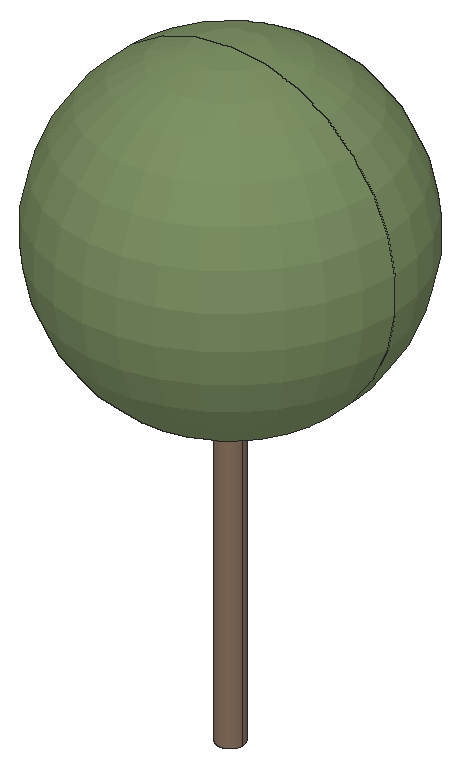
Revit family "AM_Garden_Tree", category Planting, Revit 2025
Family settings
  OmniClass Number = 23.40.05.00
  OmniClass Title = Plants and Planting Products
  Work Plane-Based = No
  Always vertical = Yes
  Cut with Voids When Loaded = No
  Render Appearance Source = Family Geometry
  Shared = No
Parameters (values of type "Tree 5 m")
  Height = 6000 mm
  Default Elevation = 0 mm
Reference planes
  plane 1 "Center (Front/Back)": y = 0
  plane 2: z = 0
  plane 3 "Center (Left/Right)": x = 0
Forms (mm)
  Revolve 1, solid, material "AM Foliage"
    sketch origin (0, 0, 0) x (0, 0, 1) y (1, 0, 0)
      loop
        line (3000, 0) -> (6400, 0)
        arc (6400, 0) -> (4700, 1700) -> (3000, 0) r 1700
      axis (3000, 0) -> (6400, 0)
    angle from 0 to 360
  Extrusion 2, solid, material "AM Bark"
    sketch origin (0, 0, 0) x (1, 0, 0) y (0, 1, 0)
      loop
        circle (0, 0) r 130
    from 0 to 4500
Dimensions and locks
  aligned and locked: level to plane 2
